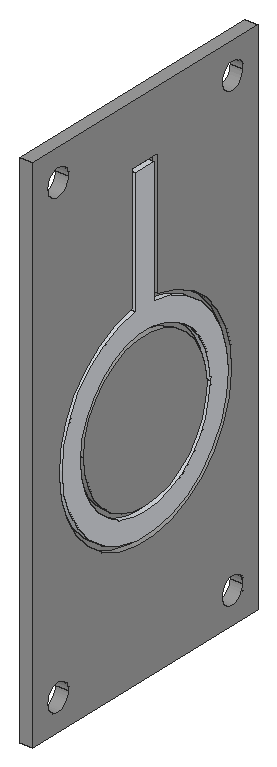
Revit family "DRP SS 023", category Specialty Equipment, Revit 2012
Parameters (values of type "DRP-SS-023")
  Type Comments = "DORMA DRP-SS-023"
  Model = "DRP-SS-023"
  Manufacturer = "DORMA"
  Description = "DORMA DRP-SS-023 STAINLESS STEEL FLUSH PULL RING"
Reference planes
  plane 1 "Center (Front/Back)": y = 0
  plane 2: z = 0
  plane 3 "Center (Left/Right)": x = 0
Forms (mm)
  Extrusion 1, solid, material "lockcase"
    sketch origin (28.895, -76.367, 0) x (1, 0, 0) y (0, 1, 0)
      loop
        line (-25.892, 54.367) -> (-23.895, 54.367) -> (-23.895, 98.367) -> (-25.892, 98.367) -> (-25.892, 54.367)
    from 0 to 82
  Sweep 2, void
    path origin (0, 0, 0) x (1, 0, 0) y (0, 1, 0)
      loop
        line (5, 0) -> (3.983, 0)
    profile origin (4.491, 0, 0) x (0, -1, 0) y (0, 0, 1)
      loop
        line (2.556, 72.542) -> (-2.556, 72.542) -> (-2.556, 52.962)
        arc (-2.556, 52.962) -> (0, 19.196) -> (2.556, 52.962) r 16.98
        line (2.556, 52.962) -> (2.556, 72.542)
      loop
        circle (0, 36.176) r 11.98
  Sweep 3, solid
    path origin (0, 0, 0) x (1, 0, 0) y (0, 1, 0)
      loop
        line (5, 0) -> (3.983, 0)
    profile origin (4.491, 0, 0) x (0, -1, 0) y (0, 0, 1)
      loop
        line (1.756, 52.26) -> (1.756, 71.742) -> (-1.756, 71.742) -> (-1.756, 52.26)
        arc (-1.756, 52.26) -> (0, 19.996) -> (1.756, 52.26) r 16.18
      loop
        circle (0, 36.176) r 12.78
  Sweep 4, void
    path origin (0, 0, 0) x (1, 0, 0) y (0, 1, 0)
      loop
        line (1.472, 18.881) -> (9.976, 18.881)
    profile origin (5.724, 18.881, 0) x (0, 1, 0) y (0, 0, 1)
      loop
        circle (-35.932, 77.051) r 2.118
      loop
        circle (-1.829, 77.051) r 2.118
      loop
        circle (-35.932, 4.949) r 2.118
      loop
        circle (-1.829, 4.949) r 2.118
Cuts and joins
  Sweep 2, Sweep 4 cuts Extrusion 1
Dimensions and locks
  aligned and locked: level to plane 2
